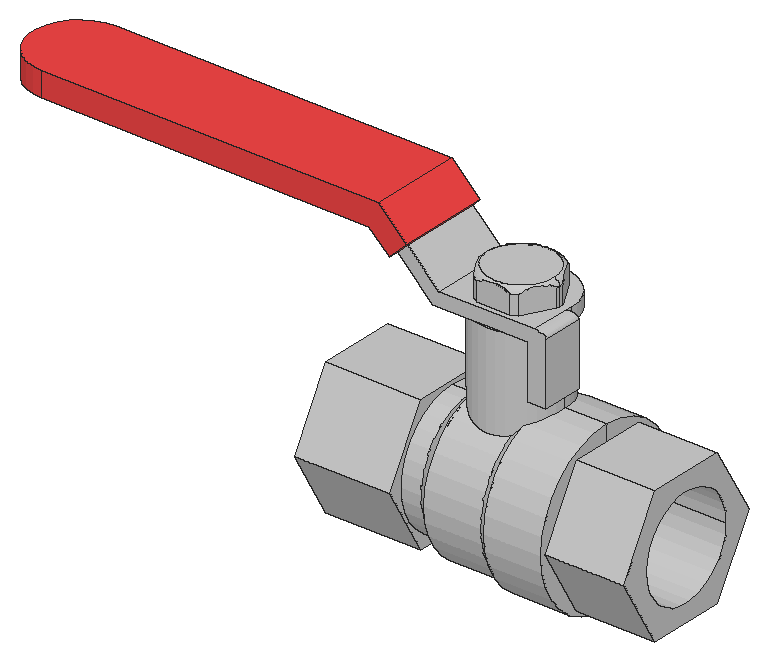
Revit family "BVR-R", category Арматура трубопроводов, Revit 2019
Family settings
  Размер круглого соединителя = Использовать диаметр
  Тип детали = Вставляется
  На основе рабочей плоскости = Нет
  Всегда вертикально = Да
  При загрузке вырезать с полостями = Нет
  Общий = Нет
Parameters (values of type "DN15")
  УГО_Длина = p  # 28.61 mm
  Контакты_Производитель = "info@ridan.ru"  # constant formula
  p = size_lookup(LT, "p", 23 mm, ADSK_Диаметр условный)  # 28.61 mm
  o = size_lookup(LT, "o", 23 mm, ADSK_Диаметр условный)  # 29.25 mm
  n = size_lookup(LT, "n", 23 mm, ADSK_Диаметр условный)  # 16 mm
  m = size_lookup(LT, "m", 23 mm, ADSK_Диаметр условный)  # 18.63 mm
  l = size_lookup(LT, "l", 23 mm, ADSK_Диаметр условный)  # 25 mm
  k = size_lookup(LT, "k", 23 mm, ADSK_Диаметр условный)  # 30.6 mm
  j = size_lookup(LT, "j", 23 mm, ADSK_Диаметр условный)  # 24 mm
  i = size_lookup(LT, "i", 23 mm, ADSK_Диаметр условный)  # 28.5 mm
  h = size_lookup(LT, "h", 23 mm, ADSK_Диаметр условный)  # 6.64 mm
  g = size_lookup(LT, "g", 23 mm, ADSK_Диаметр условный)  # 14.68 mm
  f = size_lookup(LT, "f", 23 mm, ADSK_Диаметр условный)  # 10.57 mm
  e = size_lookup(LT, "e", 23 mm, ADSK_Диаметр условный)  # 1.46 mm
  d = size_lookup(LT, "d", 23 mm, ADSK_Диаметр условный)  # 10.42 mm
  c = size_lookup(LT, "c", 23 mm, ADSK_Диаметр условный)  # 2.37 mm
  b = size_lookup(LT, "b", 23 mm, ADSK_Диаметр условный)  # 3.78 mm
  a = size_lookup(LT, "a", 23 mm, ADSK_Диаметр условный)  # 17.71 mm
  URL = "https://ridan.ru/"
  LT = "BVR-R"  # constant formula
  ADSK_Расход жидкости = 0.0000 m³/h
  ADSK_Пропускная способность = size_lookup(LT, "Kv", 0.0000 m³/h, ADSK_Диаметр условный)  # 15.0000 m³/h
  ADSK_Потеря давления жидкости = 100000.0 Pa * (ADSK_Расход жидкости / ADSK_Пропускная способность) ^ 2  # 0.0 Pa
  ADSK_Наименование = "Кран шаровой ГОСТ BVR-R полнопроходной с внутренней резьбой PN40, Tmax=120C, DN15"
  ADSK_Материал = Латунь Никелированная
  ADSK_Масса_Текст = ""
  ADSK_Масса = size_lookup(LT, "M", 0, ADSK_Диаметр условный)  # 0.23
  ADSK_Марка = size_lookup(LT, "Mark", "", ADSK_Диаметр условный)  # "BVR-R DN15"
  ADSK_Количество = 1  # constant formula
  ADSK_Код изделия = size_lookup(LT, "", "", ADSK_Диаметр условный)  # "065B8307RG"
  ADSK_Завод-изготовитель = "ООО «Ридан-Трейд»"  # constant formula
  ADSK_Единица измерения = "шт."
  ADSK_Диаметр условный = 15 mm
  ADSK_Версия семейства = "1.0"  # constant formula
  ADSK_Версия Revit = "2019"  # constant formula
Types (10, lengths in mm): name | УГО_Длина | p | o | n | m | l | k | j | i | h | g | f | e | d | c | b | a | ADSK_Пропускная способность | ADSK_Наименование | ADSK_Масса | ADSK_Марка | ADSK_Код изделия | ADSK_Диаметр условный
  (no name) | 28.61 | 28.61 | 29.25 | 16 | 18.63 | 25 | 30.6 | 24 | 28.5 | 6.64 | 14.68 | 10.57 | 1.46 | 10.42 | 2.37 | 3.78 | 17.71 | 15.0000 m³/h | "Кран шаровой ГОСТ BVR-R полнопроходной с внутренней резьбой PN40, Tmax=120C, DN15" | 0.23 | "BVR-R DN15" | "065B8307RG" | 15
  DN15 | 28.61 | 28.61 | 29.25 | 16 | 18.63 | 25 | 30.6 | 24 | 28.5 | 6.64 | 14.68 | 10.57 | 1.46 | 10.42 | 2.37 | 3.78 | 17.71 | 15.0000 m³/h | "Кран шаровой ГОСТ BVR-R полнопроходной с внутренней резьбой PN40, Tmax=120C, DN15" | 0.23 | "BVR-R DN15" | "065B8307RG" | 15
  DN20 | 33.22 | 33.22 | 32.75 | 16 | 24.12 | 31 | 37.9 | 30.5 | 35.7 | 9.39 | 17.78 | 10.52 | 1.51 | 14.57 | 2.72 | 3.89 | 19 | 28.0000 m³/h | "Кран шаровой ГОСТ BVR-R полнопроходной с внутренней резьбой PN40, Tmax=120C, DN20" | 0.33 | "BVR-R DN20" | "065B8308RG" | 20
  DN25 | 39.32 | 39.32 | 39.85 | 19 | 30.29 | 38 | 46.5 | 38 | 44.7 | 10.78 | 21.68 | 12.22 | 1.31 | 17.1 | 3.47 | 4.6 | 23 | 39.0000 m³/h | "Кран шаровой ГОСТ BVR-R полнопроходной с внутренней резьбой PN40, Tmax=120C, DN25" | 0.55 | "BVR-R DN25" | "065B8309RG" | 25
  DN32 | 46.52 | 46.52 | 44.85 | 19 | 38.95 | 47 | 57 | 46.5 | 54.8 | 13.45 | 23.98 | 12.42 | 1.51 | 23.48 | 4.27 | 4.83 | 25.5 | 84.0000 m³/h | "Кран шаровой ГОСТ BVR-R полнопроходной с внутренней резьбой PN40, Tmax=120C, DN32" | 0.73 | "BVR-R DN30" | "065B8310RG" | 32
  DN40 | 54.92 | 54.92 | 51.85 | 22 | 44.85 | 54 | 68 | 54.5 | 66 | 17.69 | 26.08 | 14.92 | 1.41 | 28.77 | 5.87 | 3.94 | 26 | 156.0000 m³/h | "Кран шаровой ГОСТ BVR-R полнопроходной с внутренней резьбой PN40, Tmax=120C, DN40" | 1.2 | "BVR-R DN35" | "065B8311RG" | 40
  DN50 | 68.12 | 68.12 | 59.1 | 22 | 56.66 | 66 | 83.55 | 66 | 81.5 | 20.26 | 30.88 | 16.07 | 1.46 | 35.99 | 7.87 | 6.72 | 29 | 243.0000 m³/h | "Кран шаровой ГОСТ BVR-R полнопроходной с внутренней резьбой PN40, Tmax=120C, DN50" | 1.76 | "BVR-R DN40" | "065B8312RG" | 50
  DN65 | 80.12 | 80.12 | 81.45 | 38 | 72.23 | 84 | 103.5 | 81 | 101 | 21.39 | 25.68 | 16.87 | 1.66 | 43.47 | 10.12 | 7.99 | 26.5 | 476.0000 m³/h | "Кран шаровой ГОСТ BVR-R полнопроходной с внутренней резьбой PN25, Tmax=120C, DN65" | 3.38 | "BVR-R DN45" | "065B8313RG" | 65
  DN80 | 95.92 | 95.92 | 91.4 | 38 | 84.93 | 96 | 122 | 95.5 | 120 | 26.76 | 27.38 | 22.12 | 1.41 | 51.64 | 12.37 | 8.37 | 28 | 770.0000 m³/h | "Кран шаровой ГОСТ BVR-R полнопроходной с внутренней резьбой PN25, Tmax=120C, DN80" | 4.7 | "BVR-R DN50" | "065B8314RG" | 80
  DN100 | 120.22 | 120.22 | 116.05 | 46.21 | 110.07 | 123 | 152 | 122 | 149.8 | 34.86 | 31.18 | 25.22 | 1.51 | 66.84 | 14.02 | 12.62 | 30 | 1200.0000 m³/h | "Кран шаровой ГОСТ BVR-R полнопроходной с внутренней резьбой PN25, Tmax=120C, DN100" | 8.54 | "BVR-R DN55" | "065B8315RG" | 100
Reference planes
  plane 1 "По центру (Вперед/Назад)": y = 0
  plane 2: z = 0
  plane 3 "По центру (Влево/Вправо)": x = 0
  plane 4: x = -6.64
  plane 5: x = -9.01
  plane 6: x = -12.79
  plane 7: x = -30.5
  plane 8: x = 3.78
  plane 9: x = 5.24
  plane 10: x = 15.81
  plane 11: x = 30.49
  plane 12: z = 12
  plane 13: z = -12
  plane 14: z = -14.25
  plane 15: z = 14.25
  plane 16: z = 15.3
  plane 17: z = -15.3
  plane 18: x = -8
  plane 19: x = 8
  plane 20: z = 29.25
Forms (mm)
  Revolve 1, solid, material "Латунь Никелированная" <- "ADSK_Материал", detail levels fine
    sketch origin (0, 0, 0) x (1, 0, 0) y (0, 0, 1)
      loop
        line (15.81, -15.3) -> (15.81, 0) -> (-12.79, 0) -> (-12.79, -12) -> (-9.01, -12) -> (-6.64, -14.25) -> (3.78, -14.25) -> (5.24, -15.3) -> (15.81, -15.3)
      axis (-12.79, 0) -> (15.81, 0)
    angle from 0 to 360
  Extrusion 2, void
    sketch origin (0, 0, 0) x (0, 1, 0) y (0, 0, 1)
      loop
        circle (0, 0) r 9.315
    from -30.5 to -12.79
  Extrusion 3, void
    sketch origin (0, 0, 0) x (0, 1, 0) y (0, 0, 1)
      loop
        circle (0, 0) r 9.315
    from 15.81 to 30.49
  Revolve 4, solid, material "Латунь Никелированная" <- "ADSK_Материал", detail levels fine
    sketch origin (0, 0, 0) x (1, 0, 0) y (0, 0, 1)
      loop
        line (-8, 29.25) -> (-8, 0) -> (0, 0) -> (0, 29.25) -> (-8, 29.25)
      axis (0, 29.25) -> (0, 0)
    angle from 0 to 360
  Extrusion 5, solid, material "Латунь Никелированная" <- "ADSK_Материал", detail levels fine
    sketch origin (0, 0, 0) x (0, 1, 0) y (0, 0, 1)
      loop
        line (14.434, 0) -> (7.217, 12.5) -> (-7.217, 12.5) -> (-14.434, 0) -> (-7.217, -12.5) -> (7.217, -12.5) -> (14.434, 0)
    from 15.81 to 30.49
  Extrusion 6, solid, material "Латунь Никелированная" <- "ADSK_Материал", detail levels fine
    sketch origin (0, 0, 0) x (0, 1, 0) y (0, 0, 1)
      loop
        line (-14.434, 0) -> (-7.217, -12.5) -> (7.217, -12.5) -> (14.434, 0) -> (7.217, 12.5) -> (-7.217, 12.5) -> (-14.434, 0)
    from -30.5 to -12.79
Cuts and joins
  Extrusion 3 cuts Extrusion 5
  Extrusion 2 cuts Extrusion 6
Dimensions and locks
  "a": plane 6 to plane 7
  "b": plane 5 to plane 6
  "c": plane 4 to plane 5
  "h": plane 3 "По центру (Влево/Вправо)" to plane 4
  "d": plane 8 to plane 4
  "e": plane 9 to plane 8
  "f": plane 10 to plane 9
  "g": plane 11 to plane 10
  equal spacing: plane 12, plane 2, plane 13
  "j": plane 12 to plane 13
  equal spacing: plane 15, plane 2, plane 14
  "i": plane 15 to plane 14
  equal spacing: plane 16, plane 2, plane 17
  "k": plane 16 to plane 17
  equal spacing: plane 18, plane 3 "По центру (Влево/Вправо)", plane 19
  "n": plane 18 to plane 19
  "o": plane 20 to plane 2
  equal spacing: Extrusion 5 sketch curve, Revolve 4, Extrusion 5 sketch curve  (x3)
  "l": Extrusion 5 sketch curve to Extrusion 5 sketch curve  (x2)
  equal spacing: Extrusion 6 sketch curve, Revolve 4, Extrusion 6 sketch curve  (x3)
  "l": Extrusion 6 sketch curve to Extrusion 6 sketch curve  (x2)
  level to connector elem = 0 mm
  "m": diameter of Extrusion 2 sketch curve
  "m": diameter of Extrusion 3 sketch curve
  angle Extrusion 5 sketch curve to Extrusion 5 sketch curve = 120.00°  (x6)
  angle Extrusion 6 sketch curve to Extrusion 6 sketch curve = 120.00°  (x6)
  aligned and locked: level to plane 2
  aligned and locked: Revolve 1 sketch curve to plane 14
  aligned and locked: plane 17 to Revolve 1 sketch curve
  aligned and locked: Revolve 1 sketch curve to plane 10
  aligned and locked: plane 13 to Revolve 1 sketch curve
  aligned and locked: plane 6 to Revolve 1 sketch curve
  aligned and locked: Revolve 1 sketch curve to plane 2
  aligned and locked: Extrusion 2 to plane 7
  aligned and locked: plane 6 to Extrusion 2
  aligned and locked: Extrusion 3 to plane 10
  aligned and locked: plane 11 to Extrusion 3
  aligned and locked: Revolve 4 sketch curve to plane 20
  aligned and locked: Revolve 4 sketch curve to plane 18
  aligned and locked: plane 2 to Revolve 4 sketch curve
  aligned and locked: Revolve 4 sketch curve to plane 3 "По центру (Влево/Вправо)"
  aligned and locked: Extrusion 5 to plane 10
  aligned and locked: plane 11 to Extrusion 5
  aligned and locked: Extrusion 6 to plane 7
  aligned and locked: plane 6 to Extrusion 6
  aligned and locked: nested 2 to plane 6
Automatic sketch dimensions
  Revolve 1 sketch curve to level = 0 mm
  Revolve 1 sketch curve to plane 5 = 0 mm
  Revolve 1 sketch curve to plane 4 = 0 mm
  Revolve 1 sketch curve to plane 8 = 0 mm
  Revolve 1 sketch curve to plane 9 = 0 mm
  Revolve 1 sketch curve to Revolve 1 sketch curve = 2.215 mm
  plane 10 to Revolve 1 sketch curve = 4.185 mm
  Revolve 4 sketch curve to plane 3 "По центру (Влево/Вправо)" = 0 mm
  Revolve 4 sketch curve to level = 3.906 mm
  Revolve 4 sketch curve to Revolve 4 sketch curve = 6.844 mm
  Extrusion 2 sketch curve to level = 0 mm
  Extrusion 2 sketch curve to plane 1 "По центру (Вперед/Назад)" = 0 mm
  Extrusion 3 sketch curve to level = 0 mm
  Extrusion 3 sketch curve to plane 1 "По центру (Вперед/Назад)" = 0 mm
  Extrusion 5 sketch curve to level = 0 mm
  Extrusion 6 sketch curve to level = 0 mm
Nested families
  nested 1: "Рукоятка BVR-R" at (0, 0, 29.25), ADSK_Диаметр условный <- "ADSK_Диаметр условный", type "Рукоятка BVR-R", detail levels fine
    with z2 7.15 mm, z1 16.3 mm, z 14.3 mm, y 6.15 mm, x 1 mm, w 4.5 mm, v 13 mm, u 14.85 mm, t 20.51 mm, s 2 mm, r 9.5 mm, q 65.93 mm, p 8.5 mm, o 107 mm, n 4.5 mm, m 77 mm, l 17 mm, k 16 mm, j 15 mm, i 1.5 mm, h 10 mm, g 10.62 mm, f 3.5 mm, e 2.5 mm, d 7.5 mm, c 9 mm, b 8.51 mm, a 10.01 mm, ADSK_Диаметр условный 15 mm
  nested 2: "УГО_запорного_клапана" at (1.515, 0, 0), Длина_УГО <- "УГО_Длина", type "УГО_запорного_клапана"
    with Длина_УГО 28.61 mm, Высота_УГО 16.518 mm
Connectors
  piping at (15.81, 0, 0), diameter 15, driven by "ADSK_Диаметр условный", driven by "ADSK_Расход жидкости", driven by "ADSK_Потеря давления жидкости"
    settings: on plane 10, index 1, connector inside diameter 609.6 mm, connector length 0 mm, flow factor 0, pipe flow 0.0000 m³/h, pressure drop 0.0 Pa, fitting loss kfactor 0, connector angle 0.00°, fixture units 0, engagement length 0 mm, angle of deflection 0.00°, flow configuration 0, flow direction 0, fitting loss method 4, system type 29, joint type 0, gender type 0, connector reference index -1, connector utility 0, adjustable connector no, is connector primary yes, connector description ""
  piping at (-12.79, 0, 0), diameter 15, driven by "ADSK_Диаметр условный", driven by "ADSK_Расход жидкости"
    settings: on plane 6, index 2, connector inside diameter 609.6 mm, connector length 0 mm, flow factor 0, pipe flow 0.0000 m³/h, pressure drop 0.0 Pa, fitting loss kfactor 0, connector angle 0.00°, fixture units 0, engagement length 0 mm, angle of deflection 0.00°, flow configuration 0, flow direction 0, fitting loss method 0, system type 29, joint type 0, gender type 0, connector reference index -1, connector utility 0, adjustable connector no, is connector primary no, connector description ""
Definition of nested family "Рукоятка BVR-R"
  Parameters (values of type "Рукоятка BVR-R")
    Default Elevation = 1219.2 mm
    z2 [instance] = z / 2  # 7.15 mm
    z1 [instance] = z + 2 mm  # 16.3 mm
    z [instance] = size_lookup(LT, "z", 23 mm, ADSK_Диаметр условный)  # 14.3 mm
    y [instance] = z2 - 1 mm  # 6.15 mm
    x [instance] = 1 mm  # constant formula
    w [instance] = size_lookup(LT, "w", 23 mm, ADSK_Диаметр условный)  # 4.5 mm
    v [instance] = size_lookup(LT, "v", 23 mm, ADSK_Диаметр условный)  # 13 mm
    u [instance] = size_lookup(LT, "u", 23 mm, ADSK_Диаметр условный)  # 14.85 mm
    t [instance] = size_lookup(LT, "t", 23 mm, ADSK_Диаметр условный)  # 20.51 mm
    s [instance] = size_lookup(LT, "s", 23 mm, ADSK_Диаметр условный)  # 2 mm
    r [instance] = size_lookup(LT, "r", 23 mm, ADSK_Диаметр условный)  # 9.5 mm
    q [instance] = size_lookup(LT, "q", 23 mm, ADSK_Диаметр условный)  # 65.93 mm
    p [instance] = size_lookup(LT, "p", 23 mm, ADSK_Диаметр условный)  # 8.5 mm
    o [instance] = m + 30 mm  # 107 mm
    n [instance] = size_lookup(LT, "n", 23 mm, ADSK_Диаметр условный)  # 4.5 mm
    m [instance] = size_lookup(LT, "m", 23 mm, ADSK_Диаметр условный)  # 77 mm
    l [instance] = size_lookup(LT, "l", 23 mm, ADSK_Диаметр условный)  # 17 mm
    k [instance] = size_lookup(LT, "k", 23 mm, ADSK_Диаметр условный)  # 16 mm
    j [instance] = size_lookup(LT, "j", 23 mm, ADSK_Диаметр условный)  # 15 mm
    i [instance] = size_lookup(LT, "i", 23 mm, ADSK_Диаметр условный)  # 1.5 mm
    h [instance] = size_lookup(LT, "h", 23 mm, ADSK_Диаметр условный)  # 10 mm
    g [instance] = size_lookup(LT, "g", 23 mm, ADSK_Диаметр условный)  # 10.62 mm
    f [instance] = size_lookup(LT, "f", 23 mm, ADSK_Диаметр условный)  # 3.5 mm
    e [instance] = size_lookup(LT, "e", 23 mm, ADSK_Диаметр условный)  # 2.5 mm
    d [instance] = size_lookup(LT, "d", 23 mm, ADSK_Диаметр условный)  # 7.5 mm
    c [instance] = size_lookup(LT, "c", 23 mm, ADSK_Диаметр условный)  # 9 mm
    b [instance] = size_lookup(LT, "b", 23 mm, ADSK_Диаметр условный)  # 8.51 mm
    a [instance] = size_lookup(LT, "a", 23 mm, ADSK_Диаметр условный)  # 10.01 mm
    LT = "BVR-R-R"  # constant formula
    ADSK_Диаметр условный [instance] = 15 mm
  Reference planes
    plane 1 "По центру (Вперед/Назад)": y = 0
    plane 2: z = 0
    plane 3 "По центру (Влево/Вправо)": x = 0
    plane 4: x = -10.01
    plane 5: x = 8.51
    plane 6: y = 9
    plane 7: y = -7.5
    plane 8: z = 2.5
    plane 9: x = 10.62
    plane 10: x = 7.12
    plane 11: z = -10
    plane 12: y = 10.5
    plane 13: x = -16
    plane 14: y = 7.5
    plane 15: y = -7.5
    plane 16: x = -93
    plane 17: y = 8.5
    plane 18: y = -8.5
    plane 19: z = 14
    plane 20: z = 9.5
    plane 21: x = -123
    plane 22: x = -81.93
    plane 23: y = 9.475
    plane 24: y = -9.475
    plane 25: x = -20.51
    plane 26: z = 11.75
    plane 27: x = -8.01
    plane 28: z = 7
    plane 29: x = 6.15
    plane 30: z = 6
    plane 31: x = 7.15
  Forms (mm)
    Extrusion 1, solid
      sketch origin (0, 0, 0) x (1, 0, 0) y (0, 1, 0)
        loop
          line (-10.01, -7.5) -> (8.51, -7.5) -> (8.51, 0.946)
          arc (8.51, 0.946) -> (6.151, 6.641) -> (0.456, 9) r 8.054
          line (0.456, 9) -> (-10.01, 9) -> (-10.01, -7.5)
      from 0 to 2.5
    Extrusion 2, solid
      sketch origin (0, 0, 0) x (1, 0, 0) y (0, 0, 1)
        loop
          line (7.12, -10) -> (10.62, -10) -> (10.62, 1.5)
          spline (10.62, 1.5) -> (10.602, 1.631) -> (10.548, 1.759) -> (10.459, 1.883) -> (10.337, 2) -> (10.184, 2.109) -> (10.002, 2.207) -> (9.794, 2.293) -> (9.565, 2.366) -> (9.317, 2.424) -> (9.056, 2.466) -> (8.785, 2.491) -> (8.51, 2.5)
          line (8.51, 2.5) -> (7.12, 2.5) -> (7.12, -10)
      from 0 to 7.5
    Extrusion 3, solid
      sketch origin (0, 0, 0) x (0, 1, 0) y (0, 0, 1)
        loop
          line (10.5, -10) -> (10.5, 0.888)
          arc (10.5, 0.888) -> (10.067, 1.989) -> (9, 2.5) r 1.617
          line (9, 2.5) -> (9, -10) -> (10.5, -10)
      from -10.01 to 0
    Extrusion 4, void
      sketch origin (0, 0, 0) x (1, 0, 0) y (0, 1, 0)
        loop
          line (-123, 9.475) -> (-123, -9.475) -> (-81.93, -9.475) -> (-81.93, -8.5)
          arc (-81.93, -8.5) -> (-90.43, 0) -> (-81.93, 8.5) r 8.5
          line (-81.93, 8.5) -> (-81.93, 9.475) -> (-123, 9.475)
      from 9.5 to 14
    Sweep 5, solid
      path origin (0, 0, 0) x (1, 0, 0) y (0, 0, 1)
        loop
          line (-8.01, 0.855) -> (-10.01, 0.855) -> (-20.511, 11.355)
      profile origin (-9.01, 0, 0.855) x (0, 0, -1) y (0, -1, 0)
        loop
          line (-1.645, 7.5) -> (-1.645, -7.5) -> (0.855, -7.5) -> (0.855, 7.5) -> (-1.645, 7.5)
    Sweep 6, solid
      path origin (0, 0, 0) x (1, 0, 0) y (0, 0, 1)
        loop
          line (-93, 11.75) -> (-20.51, 11.75) -> (-16, 7.32)
      profile origin (-56.755, 0, 11.75) x (0, 0, 1) y (0, -1, 0)
        loop
          line (2.25, -8.5) -> (2.25, 8.5) -> (-2.25, 8.5) -> (-2.25, -8.5) -> (2.25, -8.5)
    Extrusion 7, solid
      sketch origin (0, 0, 0) x (1, 0, 0) y (0, 1, 0)
        loop
          line (7.506, 0) -> (3.753, 6.5) -> (-3.753, 6.5) -> (-7.506, 0) -> (-3.753, -6.5) -> (3.753, -6.5) -> (7.506, 0)
      from 2.5 to 7
    Extrusion 8, void
      sketch origin (0, 0, 0) x (1, 0, 0) y (0, 1, 0)
        loop
          circle (0, 0) r 7.15
        loop
          circle (0, 0) r 8.15
      from 2.5 to 7
    Revolve 9, void
      sketch origin (0, 0, 0) x (1, 0, 0) y (0, 0, 1)
        loop
          arc (6.15, 7) -> (6.742, 6.592) -> (7.15, 6) r 1.992
          line (7.15, 6) -> (9.302, 6) -> (9.302, 7) -> (6.15, 7)
        axis (0, 7) -> (0, 6)
      angle from 0 to 360
  Cuts and joins
    Extrusion 4 cuts Sweep 6
    joined: Extrusion 1, Extrusion 2, Extrusion 3, Sweep 5
    Extrusion 8, Revolve 9 cuts Extrusion 7
  Lines and regions (mm)
    reference lines
      curve 1: line (-10.01, 0, 0.855) -> (-14.445, 0, 5.289)
  Dimensions and locks
    "a": plane 4 to plane 3 "По центру (Влево/Вправо)"
    "b": plane 3 "По центру (Влево/Вправо)" to plane 5
    "c": plane 6 to plane 1 "По центру (Вперед/Назад)"
    "d": plane 7 to plane 1 "По центру (Вперед/Назад)"
    "e": plane 8 to plane 2
    "g": plane 9 to plane 3 "По центру (Влево/Вправо)"
    "f": plane 10 to plane 9
    "h": plane 2 to plane 11
    "i": plane 6 to plane 12
    equal spacing: plane 15, plane 1 "По центру (Вперед/Назад)", plane 14
    "j": plane 15 to plane 14
    equal spacing: plane 18, plane 1 "По центру (Вперед/Назад)", plane 17
    "l": plane 18 to plane 17
    "m": plane 16 to plane 13
    "n": plane 19 to plane 20
    "o": plane 21 to plane 13
    plane 17 to plane 23 = 0.975 mm
    plane 24 to plane 18 = 0.975 mm
    "q": plane 22 to plane 13
    "r": plane 20 to plane 2
    equal spacing: plane 19, plane 26, plane 20
    "k": plane 3 "По центру (Влево/Вправо)" to plane 13
    "t": plane 3 "По центру (Влево/Вправо)" to plane 25
    "s": plane 4 to plane 27
    "u": Sweep 5 sketch curve to Sweep 5 sketch curve
    "w": plane 28 to plane 8
    equal spacing: Extrusion 7 sketch curve, plane 3 "По центру (Влево/Вправо)", Extrusion 7 sketch curve  (x2)
    equal spacing: Extrusion 7 sketch curve, plane 1 "По центру (Вперед/Назад)", Extrusion 7 sketch curve
    "v": Extrusion 7 sketch curve to Extrusion 7 sketch curve  (x2)
    "y": plane 29 to plane 3 "По центру (Влево/Вправо)"
    "x": plane 28 to plane 30
    "z2": plane 31 to plane 3 "По центру (Влево/Вправо)"
    "p": radius of Extrusion 4 sketch curve
    "z": diameter of Extrusion 8 sketch curve
    "z1": diameter of Extrusion 8 sketch curve
    angle Extrusion 7 sketch curve to Extrusion 7 sketch curve = 120.00°  (x6)
    aligned and locked: level to plane 2
    aligned and locked: Extrusion 1 sketch curve to plane 4
    aligned and locked: Extrusion 1 sketch curve to plane 7
    aligned and locked: Extrusion 1 sketch curve to plane 5
    aligned and locked: Extrusion 1 sketch curve to plane 6
    aligned and locked: plane 8 to Extrusion 1
    aligned and locked: Extrusion 2 to plane 7
    aligned and locked: plane 4 to Extrusion 3
    aligned and locked: plane 3 "По центру (Влево/Вправо)" to Extrusion 3
    aligned and locked: plane 18 to Extrusion 4 sketch curve
    aligned and locked: Sweep 5 sketch curve to curve 1
    aligned and locked: Sweep 5 sketch curve to Extrusion 1
    aligned and locked: Extrusion 2 to Sweep 5 sketch curve
    aligned and locked: Sweep 5 sketch curve to level
    aligned and locked: Sweep 5 sketch curve to plane 14
    aligned and locked: plane 13 to Sweep 6 sketch curve
    aligned and locked: Sweep 6 sketch curve to plane 19
    aligned and locked: Sweep 6 sketch curve to plane 17
    aligned and locked: plane 20 to Sweep 6 sketch curve
    aligned and locked: plane 18 to Sweep 6 sketch curve
    aligned and locked: Extrusion 4 to plane 19
    aligned and locked: plane 20 to Extrusion 4
    aligned and locked: Extrusion 7 to plane 8
    aligned and locked: plane 28 to Extrusion 7
    aligned and locked: Extrusion 8 to plane 8
    aligned and locked: plane 28 to Extrusion 8
  Automatic sketch dimensions
    Extrusion 2 sketch curve to plane 8 = 0 mm
    plane 10 to Extrusion 2 sketch curve = 0 mm
    plane 5 to Extrusion 2 sketch curve = 0 mm  (x2)
    plane 9 to Extrusion 2 sketch curve = 0 mm
    Extrusion 2 sketch curve to plane 11 = 0 mm
    level to Extrusion 2 sketch curve = 1.5 mm
    Extrusion 2 sketch curve to Extrusion 2 sketch curve = 0 mm  (x2)
    plane 4 to curve 1 = 0 mm
    curve 1 to plane 8 = 1.645 mm
    plane 4 to curve 1 = 4.435 mm
    plane 8 to curve 1 = 2.789 mm
    plane 16 to Sweep 6 sketch curve = 0 mm
    Sweep 6 sketch curve to plane 25 = 0 mm
    Sweep 6 sketch curve to plane 26 = 0 mm
    plane 20 to Sweep 6 sketch curve = 2.18 mm
    plane 3 "По центру (Влево/Вправо)" to Extrusion 1 sketch curve = 0.456 mm
    Extrusion 3 sketch curve to plane 6 = 0 mm
    Extrusion 3 sketch curve to plane 11 = 0 mm
    Extrusion 3 sketch curve to plane 12 = 0 mm
    Extrusion 3 sketch curve to plane 8 = 0 mm
    Extrusion 3 sketch curve to plane 6 = 0.117 mm
    Revolve 9 sketch curve to plane 3 "По центру (Влево/Вправо)" = 0 mm
    Revolve 9 sketch curve to plane 28 = 0 mm
    Revolve 9 sketch curve to plane 29 = 0 mm
    Revolve 9 sketch curve to plane 30 = 0 mm
    Revolve 9 sketch curve to plane 31 = 0 mm
    Revolve 9 sketch curve to plane 29 = 0.817 mm
    Revolve 9 sketch curve to plane 5 = 0.792 mm
    Revolve 9 sketch curve to plane 8 = 0.806 mm
    Revolve 9 sketch curve to plane 20 = 0.066 mm
    Extrusion 4 sketch curve to plane 21 = 0 mm
    Extrusion 4 sketch curve to plane 22 = 0 mm
    plane 24 to Extrusion 4 sketch curve = 0 mm
    plane 23 to Extrusion 4 sketch curve = 0 mm
    plane 4 to Sweep 5 sketch curve = 0 mm
    Sweep 5 sketch curve to plane 27 = 0 mm
    plane 1 "По центру (Вперед/Назад)" to Extrusion 7 sketch curve = 0 mm
    Extrusion 8 sketch curve to Extrusion 8 sketch curve = 0 mm  (x2)
    plane 1 "По центру (Вперед/Назад)" to Extrusion 8 sketch curve = 0 mm
    Extrusion 8 sketch curve to plane 3 "По центру (Влево/Вправо)" = 0 mm
Definition of nested family "УГО_запорного_клапана"
  Parameters (values of type "УГО_запорного_клапана")
    Длина_УГО [instance] = 100 mm
    Высота_УГО [instance] = (Длина_УГО / 2) / cos(30.00°)  # 57.735 mm
  Reference planes
    plane 1 "По центру (Вперед/Назад)": y = 0
    plane 2: z = 0
    plane 3 "По центру (Влево/Вправо)": x = 0
    plane 4: x = -50
    plane 5: x = 50
    plane 6: z = 28.868
    plane 7: z = -28.868
  Forms (mm)
    Extrusion 1, solid
      sketch origin (0, 0, 0) x (1, 0, 0) y (0, 0, 1)
        loop
          line (-50, 28.868) -> (-50, -28.868) -> (0, 0) -> (-50, 28.868)
      from -0.5 to 0.5
    Extrusion 2, solid
      sketch origin (0, 0, 0) x (1, 0, 0) y (0, 0, 1)
        loop
          line (50, 28.868) -> (0, 0) -> (50, -28.868) -> (50, 28.868)
      from -0.5 to 0.5
  Dimensions and locks
    equal spacing: plane 5, plane 3 "По центру (Влево/Вправо)", plane 4
    "Длина_УГО": plane 5 to plane 4
    equal spacing: plane 6, level, plane 7
    "Высота_УГО": plane 6 to plane 7
    aligned and locked: level to plane 2
    aligned and locked: Extrusion 1 sketch curve to plane 4
    aligned and locked: Extrusion 2 sketch curve to plane 5
    aligned and locked: plane 6 to Extrusion 1 sketch curve
    aligned and locked: plane 7 to Extrusion 1 sketch curve
    aligned and locked: plane 6 to Extrusion 2 sketch curve
    aligned and locked: plane 7 to Extrusion 2 sketch curve
  Automatic sketch dimensions
    Extrusion 1 sketch curve to level = 0 mm
    Extrusion 1 sketch curve to plane 3 "По центру (Влево/Вправо)" = 0 mm
    Extrusion 2 sketch curve to level = 0 mm
    Extrusion 2 sketch curve to plane 3 "По центру (Влево/Вправо)" = 0 mm
